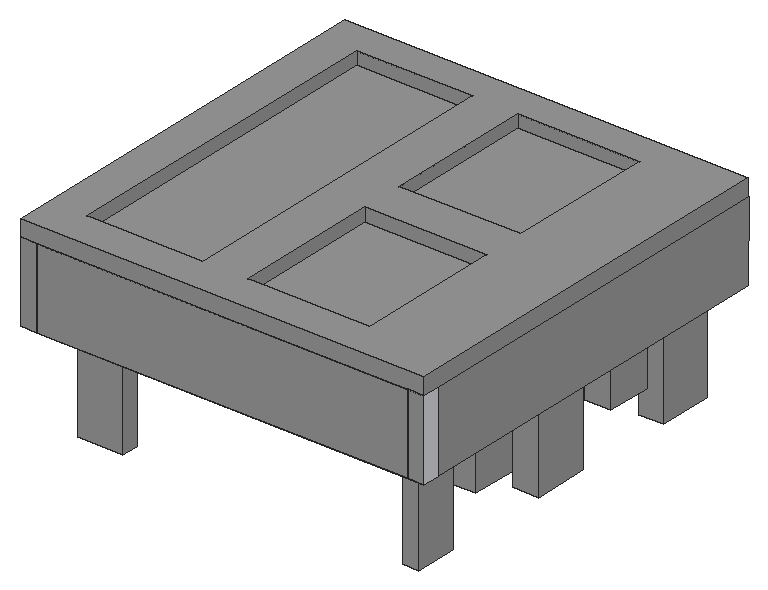
Revit family "Datentechnikträger, DTG- 2B RW1", category Generic Models, Revit 2017
Family settings
  Can host rebar = No
  Round Connector Dimension = Use Diameter
  Part Type = Normal
  Work Plane-Based = No
  Always vertical = Yes
  Cut with Voids When Loaded = No
  Shared = No
  Room Calculation Point = No
Parameters (values of type "DTG-2B RW1")
  Width = 3.9 mm
  URL = "http://www.obo-bettermann.com"
  Material = Polycarbonate
  Manufacturer Art.No. = "6119208"
  Manufacturer = "OBO Bettermann"
  Height 3 = 1.4 mm
  Height 2 = 1.8 mm
  Height 1 = 1.8 mm
  GTIN = "4012195696957"
  Article Type = "DTG-2B RW1"
Reference planes
  plane 1 "Center (Front/Back)": y = 0
  plane 2: z = 0
  plane 3 "Center (Left/Right)": x = 0
  plane 4: y = 18.5
  plane 5: x = -0.511
  plane 6: y = -18.02
  plane 7: z = -19.127
  plane 8: y = -9.894
  plane 9: y = 7.07
  plane 10: y = 19.3
  plane 11: y = -19.159
  plane 12: x = 18.968
  plane 13: z = -7.627
  plane 14: z = -7.923
Forms (mm)
  Extrusion 1, solid, material "Polycarbonate" <- "Material"
    sketch origin (-0.22, -23.859, 0) x (1, 0, 0) y (0, 1, 0)
      loop
        line (-21.807, 2) -> (21.889, 2) -> (21.889, 45.859) -> (-21.807, 45.859) -> (-21.807, 2)
    from 0 to 1.8
  Extrusion 2, void
    sketch origin (0, 0.548, 0) x (1, 0, 0) y (0, 1, 0)
      loop
        line (-17.928, 17.952) -> (-17.928, -18.568) -> (-5.388, -18.568) -> (-5.388, 17.952) -> (-17.928, 17.952)
    from 0.4 to 1.8
  Extrusion 3, void
    sketch origin (0, 0, 0) x (1, 0, 0) y (0, 1, 0)
      loop
        line (-0.511, 18.5) -> (-0.511, 2.45) -> (12.699, 2.45) -> (12.699, 18.5) -> (-0.511, 18.5)
      loop
        line (-0.511, -2.162) -> (-0.511, -18.02) -> (12.699, -18.02) -> (12.699, -2.162) -> (-0.511, -2.162)
    from 0.4 to 1.8
  Extrusion 4, solid, material "Polycarbonate" <- "Material"
    sketch origin (0, 0, 1.445) x (1, 0, 0) y (0, 0, 1)
      loop
        line (-22.028, -1.445) -> (-22.028, -10.068) -> (-20.233, -10.068) -> (-20.233, -1.445) -> (-22.028, -1.445)
    from -22 to 21.859
  Extrusion 5, solid
    sketch origin (0, 0, 0) x (1, 0, 0) y (0, 0, 1)
      loop
        line (21.692, 0) -> (-20.233, 0) -> (-20.233, -8.623) -> (21.692, -8.623) -> (21.692, 0)
    from 20.1 to 21.859
  Extrusion 6, solid, material "Polycarbonate" <- "Material"
    sketch origin (0, 0, 0) x (0, 1, 0) y (0, 0, 1)
      loop
        line (-21.859, 0) -> (-21.859, -8.623) -> (22, -8.623) -> (22, 0) -> (-21.859, 0)
    from 19.894 to 21.668
  Extrusion 7, solid, material "Polycarbonate" <- "Material"
    sketch origin (0.467, 0, 0.504) x (1, 0, 0) y (0, 0, 1)
      loop
        line (19.427, -0.504) -> (-20.7, -0.504) -> (-20.7, -9.127) -> (19.427, -9.127) -> (19.427, -0.504)
    from -22 to 21.859
  Extrusion 8, solid
    sketch origin (0, 0, 0) x (1, 0, 0) y (0, 1, 0)
      loop
        line (19.894, 20.2) -> (19.894, 22) -> (-20.233, 22) -> (-20.233, 20.2) -> (19.894, 20.2)
    from -8.623 to 0
  Extrusion 9, solid, material "Polycarbonate" <- "Material"
    sketch origin (0, 0, 0) x (0, 1, 0) y (0, 0, 1)
      loop
        line (19.3, -7.627) -> (16.66, -7.627) -> (16.66, -19.127) -> (19.3, -19.127) -> (19.3, -7.627)
    from -17.928 to -11.903
  Extrusion 10, solid, material "Polycarbonate" <- "Material"
    sketch origin (0, 0, 0.21) x (0, 1, 0) y (0, 0, 1)
      loop
        line (3.032, -7.838) -> (-2.981, -7.838) -> (-2.981, -19.338) -> (3.032, -19.338) -> (3.032, -7.838)
    from -18.391 to -15.515
  Extrusion 11, solid, material "Polycarbonate" <- "Material"
    sketch origin (0, 0, 0) x (0, 1, 0) y (0, 0, 1)
      loop
        line (-19.159, -7.627) -> (-19.159, -19.127) -> (-17.39, -19.127) -> (-17.39, -7.627) -> (-19.159, -7.627)
    from -17.928 to -13.045
  Extrusion 12, solid, material "Polycarbonate" <- "Material"
    sketch origin (0, 0, 0) x (1, 0, 0) y (0, 0, 1)
      loop
        line (18.968, -7.627) -> (17.168, -7.627) -> (17.168, -19.127) -> (18.968, -19.127) -> (18.968, -7.627)
    from 14.559 to 19.159
  Extrusion 13, solid, material "Polycarbonate" <- "Material"
    sketch origin (0, 0.116, 0.021) x (0, 1, 0) y (0, 0, 1)
      loop
        line (-12.098, -7.255) -> (-12.098, -14.644) -> (-7.275, -14.644) -> (-7.275, -7.255) -> (-12.098, -7.255)
    from 16.118 to 19.37
  Extrusion 14, solid, material "Polycarbonate" <- "Material"
    sketch origin (0, 0, 0.377) x (0, 1, 0) y (0, 0, 1)
      loop
        line (6.337, -7.611) -> (6.337, -15) -> (11.137, -15) -> (11.137, -7.611) -> (6.337, -7.611)
    from 16.52 to 19.37
  Extrusion 15, solid, material "Polycarbonate" <- "Material"
    sketch origin (0, 0, 0) x (1, 0, 0) y (0, 0, 1)
      loop
        line (19.37, -7.627) -> (16.67, -7.627) -> (16.67, -19.127) -> (19.37, -19.127) -> (19.37, -7.627)
    from -19.3 to -13.49
  Extrusion 16, solid, material "Polycarbonate" <- "Material"
    sketch origin (4.211, 0, 0) x (1, 0, 0) y (0, 0, 1)
      loop
        line (14.758, -7.627) -> (11.908, -7.627) -> (11.908, -19.127) -> (14.758, -19.127) -> (14.758, -7.627)
    from -3.031 to 2.982
Cuts and joins
  Extrusion 2, Extrusion 3 cuts Extrusion 1
Dimensions and locks
  locked: Extrusion 1 sketch curve to Extrusion 1 sketch curve at 43.696
  locked: Extrusion 1 sketch curve to Extrusion 1 sketch curve at 43.859
  locked: Extrusion 1 sketch curve to plane 3 "Center (Left/Right)" at 22.028
  locked: plane 1 "Center (Front/Back)" to Extrusion 1 sketch curve at 22
  locked: Extrusion 2 sketch curve to Extrusion 2 sketch curve at 12.54
  locked: Extrusion 1 to Extrusion 2 sketch curve at 4.1
  locked: Extrusion 2 sketch curve to Extrusion 2 sketch curve at 36.52
  Extrusion 1 to Extrusion 2 sketch curve = 4.1 mm
  Extrusion 1 to Extrusion 2 sketch curve = 3.5 mm
  locked: cut or joined group of Extrusion 1, Extrusion 2, Extrusion 3 to cut or joined group of Extrusion 1, Extrusion 2, Extrusion 3 at 36.52
  locked: cut or joined group of Extrusion 1, Extrusion 2, Extrusion 3 to plane 5 at 4.877
  "Height 1": cut or joined group of Extrusion 1, Extrusion 2, Extrusion 3 to cut or joined group of Extrusion 1, Extrusion 2, Extrusion 3
  cut or joined group of Extrusion 1, Extrusion 2, Extrusion 3 to cut or joined group of Extrusion 1, Extrusion 2, Extrusion 3 = 1.8 mm
  "Height 2": cut or joined group of Extrusion 1, Extrusion 2, Extrusion 3 to cut or joined group of Extrusion 1, Extrusion 2, Extrusion 3
  locked: cut or joined group of Extrusion 1, Extrusion 2, Extrusion 3 to plane 4 at 3.5
  locked: cut or joined group of Extrusion 1, Extrusion 2, Extrusion 3 to cut or joined group of Extrusion 1, Extrusion 2, Extrusion 3 at 3.839  (x2)
  locked: Extrusion 3 sketch curve to Extrusion 3 sketch curve at 16.05
  locked: Extrusion 3 sketch curve to Extrusion 3 sketch curve at 13.21  (x2)
  Extrusion 3 sketch curve to Extrusion 3 sketch curve = 15.858 mm
  locked: cut or joined group of Extrusion 1, Extrusion 2, Extrusion 3 to Extrusion 3 sketch curve at 3.5
  cut or joined group of Extrusion 1, Extrusion 2, Extrusion 3 to Extrusion 3 sketch curve = 3.839 mm
  locked: cut or joined group of Extrusion 1, Extrusion 2, Extrusion 3 to Extrusion 3 sketch curve at 4.877
  "Height 3": cut or joined group of Extrusion 1, Extrusion 2, Extrusion 3 to cut or joined group of Extrusion 1, Extrusion 2, Extrusion 3
  cut or joined group of Extrusion 1, Extrusion 2, Extrusion 3 to Extrusion 4 sketch curve = 8.623 mm
  locked: Extrusion 4 to Extrusion 4 at 1.794  (x3)
  locked: Extrusion 4 to plane 5 at 21.517  (x2)
  locked: cut or joined group of Extrusion 1, Extrusion 2, Extrusion 3 to Extrusion 5 sketch curve at 8.623
  locked: Extrusion 5 sketch curve to Extrusion 4 at 41.926
  locked: plane 5 to Extrusion 4 at 19.723
  locked: Extrusion 5 to Extrusion 5 at 1.759
  locked: Extrusion 5 to Extrusion 4 at 43.859
  locked: plane 1 "Center (Front/Back)" to Extrusion 6 at 22
  locked: Extrusion 5 to Extrusion 5 at 8.623  (x2)
  locked: Extrusion 7 to Extrusion 6 at 8.623
  locked: Extrusion 6 to Extrusion 7 at 8.623
  locked: Extrusion 6 to Extrusion 4 at 43.696
  locked: Extrusion 5 to Extrusion 4 at 1.759
  locked: plane 6 to Extrusion 5 at 2.08
  locked: Extrusion 4 to Extrusion 7 at 1.794
  locked: cut or joined group of Extrusion 1, Extrusion 2, Extrusion 3 to cut or joined group of Extrusion 1, Extrusion 2, Extrusion 3 at 13.21
  locked: cut or joined group of Extrusion 1, Extrusion 2, Extrusion 3 to cut or joined group of Extrusion 1, Extrusion 2, Extrusion 3 at 15.858
  locked: cut or joined group of Extrusion 1, Extrusion 2, Extrusion 3 to cut or joined group of Extrusion 1, Extrusion 2, Extrusion 3 at 16.05
  locked: cut or joined group of Extrusion 1, Extrusion 2, Extrusion 3 to Extrusion 8 sketch curve at 1.8
  locked: Extrusion 7 to Extrusion 7 at 40.127
  locked: plane 3 "Center (Left/Right)" to Extrusion 7 at 19.894
  Extrusion 4 to plane 4 = 3.5 mm
  locked: Extrusion 4 to plane 10 at 2.7
  locked: Extrusion 9 sketch curve to Extrusion 9 sketch curve at 2.64
  locked: Extrusion 9 sketch curve to plane 1 "Center (Front/Back)" at 16.66
  locked: cut or joined group of Extrusion 1, Extrusion 2, Extrusion 3 to Extrusion 9 at 6.025
  locked: Extrusion 9 to Extrusion 9 at 2.64  (x2)
  locked: Extrusion 9 to Extrusion 9 at 6.025
  locked: Extrusion 9 to plane 3 "Center (Left/Right)" at 17.928
  locked: Extrusion 9 to Extrusion 4 at 10.505
  locked: Extrusion 10 sketch curve to Extrusion 10 sketch curve at 6.013
  Extrusion 4 to Extrusion 10 sketch curve = 10.505 mm
  Extrusion 10 to Extrusion 10 = 2.876 mm  (x4)
  locked: plane 11 to Extrusion 4 at 2.7
  locked: Extrusion 11 sketch curve to Extrusion 11 sketch curve at 1.769
  Extrusion 11 sketch curve to Extrusion 4 = 10.505 mm
  Extrusion 11 to Extrusion 11 = 4.882 mm  (x2)
  locked: Extrusion 6 to plane 12 at 2.7
  locked: Extrusion 12 sketch curve to Extrusion 12 sketch curve at 1.8
  locked: Extrusion 12 to Extrusion 12 at 1.8  (x4)
  locked: Extrusion 6 to plane 11 at 2.7  (x2)
  Extrusion 9 to Extrusion 9 = 6.025 mm  (x2)
  locked: Extrusion 13 sketch curve to Extrusion 13 sketch curve at 4.823
  Extrusion 13 sketch curve to Extrusion 6 = 6 mm
  Extrusion 13 sketch curve to Extrusion 13 sketch curve = 4.823 mm  (x3)
  plane 4 to Extrusion 13 to Extrusion 13 = 25.658 mm, 4.823 mm
  Extrusion 13 to Extrusion 13 = 4.823 mm
  Extrusion 12 to Extrusion 10 = 11.578 mm
  locked: Extrusion 14 to Extrusion 14 at 7.389
  locked: Extrusion 14 to Extrusion 14 at 4.8  (x2)
  locked: Extrusion 13 to Extrusion 12 at 2.85
  Extrusion 14 to Extrusion 12 = 0.649 mm
  locked: Extrusion 12 to Extrusion 13 at 2.85
  locked: Extrusion 14 to Extrusion 14 at 2.85
  locked: Extrusion 14 to Extrusion 15 sketch curve at 2.7
  Extrusion 16 sketch curve to Extrusion 16 sketch curve = 2.85 mm  (x2)
  locked: Extrusion 16 sketch curve to Extrusion 8 at 10.505
  locked: Extrusion 7 to Extrusion 16 at 10.505
  Extrusion 16 to Extrusion 12 = 2.85 mm  (x2)
  locked: Extrusion 16 to Extrusion 16 at 6.013
  locked: Extrusion 4 to Extrusion 9 at 2.7
  locked: Extrusion 11 to Extrusion 11 at 1.769
  locked: Extrusion 9 to Extrusion 10 at 6.488
  locked: Extrusion 13 to Extrusion 13 at 3.252
  Extrusion 9 to Extrusion 11 = 6.025 mm
  Extrusion 9 to Extrusion 15 = 5.81 mm  (x2)
  locked: Extrusion 7 to cut or joined group of Extrusion 1, Extrusion 2, Extrusion 3 at 2.306
  plane 13 to plane 7 = 11.5 mm
  locked: plane 13 to plane 7 at 11.5
  Extrusion 4 to plane 7 = 10.505 mm
  locked: Extrusion 14 to Extrusion 4 at 6
  locked: Extrusion 13 to Extrusion 4 at 6
  locked: Extrusion 14 to plane 14 at 6.7
  locked: Extrusion 10 to Extrusion 13 at 4.177
  locked: Extrusion 13 to Extrusion 12 at 2.578  (x2)
  locked: Extrusion 15 to Extrusion 14 at 2.353
  locked: cut or joined group of Extrusion 1, Extrusion 2, Extrusion 3 to Extrusion 9 at 34.68
  locked: Extrusion 14 to Extrusion 15 at 2.353
  locked: Extrusion 16 to Extrusion 14 at 3.306  (x2)
  locked: Extrusion 16 to Extrusion 13 at 4.177
  locked: Extrusion 12 to Extrusion 13 at 2.578
  locked: Extrusion 12 to Extrusion 5 at 0.941
  locked: cut or joined group of Extrusion 1, Extrusion 2, Extrusion 3 to Extrusion 12 at 4.469
  locked: Extrusion 12 to Extrusion 12 at 4.6
  locked: Extrusion 11 to Extrusion 11 at 4.882
  locked: Extrusion 10 to Extrusion 10 at 6.013
  locked: Extrusion 10 to Extrusion 10 at 2.876
  Extrusion 7 to cut or joined group of Extrusion 1, Extrusion 2, Extrusion 3 = 2.306 mm
  Extrusion 14 to Extrusion 7 = 0.524 mm
  aligned and locked: level to plane 2
  aligned and locked: plane 4 to Extrusion 2
  aligned and locked: Extrusion 1 to level
  aligned and locked: Extrusion 3 to Extrusion 2
  aligned and locked: Extrusion 2 to Extrusion 3  (x2)
  aligned and locked: level to Extrusion 4
  aligned and locked: Extrusion 4 to cut or joined group of Extrusion 1, Extrusion 2, Extrusion 3
  aligned and locked: cut or joined group of Extrusion 1, Extrusion 2, Extrusion 3 to Extrusion 4
  aligned and locked: Extrusion 5 sketch curve to level
  aligned and locked: Extrusion 5 to cut or joined group of Extrusion 1, Extrusion 2, Extrusion 3
  aligned and locked: Extrusion 6 sketch curve to level
  aligned and locked: plane 2 to Extrusion 4
  aligned and locked: Extrusion 1 to plane 2
  aligned and locked: Extrusion 4 to Extrusion 5
  aligned and locked: Extrusion 7 to Extrusion 4
  aligned and locked: cut or joined group of Extrusion 1, Extrusion 2, Extrusion 3 to Extrusion 7  (x2)
  aligned and locked: Extrusion 7 to Extrusion 6
  aligned and locked: Extrusion 3 sketch curve to Extrusion 3 sketch curve
  aligned and locked: plane 4 to Extrusion 3
  aligned and locked: Extrusion 4 to Extrusion 8
  aligned and locked: Extrusion 8 to Extrusion 4
  aligned and locked: Extrusion 11 to plane 7
  aligned and locked: Extrusion 12 sketch curve to plane 12
  aligned and locked: plane 7 to Extrusion 12
  aligned and locked: Extrusion 9 to Extrusion 12
  aligned and locked: Extrusion 13 to Extrusion 14  (x3)
  aligned and locked: Extrusion 15 sketch curve to plane 7
  aligned and locked: Extrusion 9 to Extrusion 15
  aligned and locked: Extrusion 10 to plane 7
  aligned and locked: Extrusion 11 to plane 11
  aligned and locked: Extrusion 9 to Extrusion 10
  aligned and locked: Extrusion 10 to Extrusion 16
  aligned and locked: Extrusion 5 to Extrusion 8
  aligned and locked: Extrusion 12 to plane 11
  aligned and locked: Extrusion 13 to Extrusion 15
  aligned and locked: Extrusion 9 to plane 7
  aligned and locked: Extrusion 15 to plane 7
  aligned and locked: Extrusion 12 to Extrusion 11
  aligned and locked: Extrusion 11 to Extrusion 12
  aligned and locked: cut or joined group of Extrusion 1, Extrusion 2, Extrusion 3 to Extrusion 11
  aligned and locked: Extrusion 15 to Extrusion 9
  aligned and locked: Extrusion 16 to Extrusion 10
  aligned and locked: Extrusion 16 to Extrusion 13
  aligned and locked: Extrusion 12 to Extrusion 16
  aligned and locked: Extrusion 9 sketch curve to plane 7
  aligned and locked: plane 13 to Extrusion 9 sketch curve
  aligned and locked: plane 13 to Extrusion 10 sketch curve
  aligned and locked: plane 13 to Extrusion 12 sketch curve
  aligned and locked: Extrusion 9 to Extrusion 11  (x2)
  aligned and locked: Extrusion 10 to Extrusion 15
  aligned and locked: Extrusion 9 to Extrusion 16
  aligned and locked: Extrusion 9 to cut or joined group of Extrusion 1, Extrusion 2, Extrusion 3
Automatic sketch dimensions
  Extrusion 4 sketch curve to plane 5 = 21.517 mm
  Extrusion 4 sketch curve to plane 3 "Center (Left/Right)" = 20.233 mm
  level to Extrusion 4 sketch curve = 0 mm
  Extrusion 6 sketch curve to plane 6 = 3.839 mm
  Extrusion 6 sketch curve to Extrusion 6 sketch curve = 8.623 mm
  plane 4 to Extrusion 6 sketch curve = 3.5 mm
  level to Extrusion 7 sketch curve = 0 mm
  Extrusion 7 sketch curve to level = 8.623 mm
  plane 3 "Center (Left/Right)" to Extrusion 7 sketch curve = 19.894 mm
  Extrusion 7 sketch curve to plane 5 = 19.723 mm
  Extrusion 8 sketch curve to plane 5 = 19.723 mm
  Extrusion 8 sketch curve to Extrusion 8 sketch curve = 1.8 mm
  plane 3 "Center (Left/Right)" to Extrusion 8 sketch curve = 19.894 mm
  Extrusion 11 sketch curve to plane 11 = 0 mm
  Extrusion 11 sketch curve to level = 7.627 mm
  Extrusion 13 sketch curve to plane 8 = 2.087 mm
  Extrusion 13 sketch curve to Extrusion 13 sketch curve = 7.389 mm
  Extrusion 15 sketch curve to Extrusion 15 sketch curve = 2.7 mm
  Extrusion 15 sketch curve to level = 7.627 mm
  plane 5 to Extrusion 16 sketch curve = 16.629 mm
  Extrusion 16 sketch curve to level = 7.627 mm
  plane 1 "Center (Front/Back)" to Extrusion 10 sketch curve = 2.982 mm
  Extrusion 12 sketch curve to plane 7 = 0 mm
  Extrusion 14 sketch curve to plane 9 = 0.733 mm
  plane 13 to Extrusion 14 sketch curve = 0.393 mm
  plane 9 to Extrusion 14 sketch curve = 4.067 mm
  plane 7 to Extrusion 14 sketch curve = 4.505 mm
